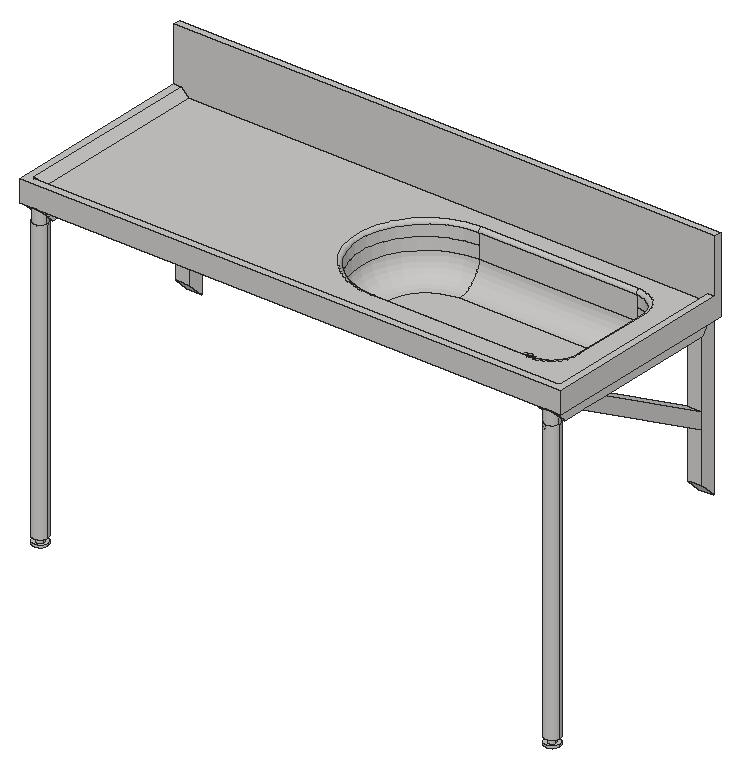
Revit family
Parameters (values of type "1500 X 555")
  Radius Of Semi_Circular Bowl = Width Of Semi_Circular Bowl / 2  # 182.5 mm
  Depth Of Semi_Circular Bowl = 165 mm
  Width Of Semi_Circular Bowl = 365 mm
  Length Of Semi_Circular Bowl = 690 mm
  Waste Connection Radius = Waste Connection Diameter / 2  # 20 mm
  Waste Connection Diameter = 40 mm
  Waste Connection = 1 = 1  # yes
  WFU = 0
  Vent Connection = 1 = 0  # no
  URL = "http://www.autospec.co.za/browse.php?id=1644179282"
  Product Code = "None"
  OmniClass Title = ""
  OmniClass Number = ""
  Modspec Classification = ""
  Specification = ""
  Location (revit room) = ""
  Material = Stainless Steel Grade 304
  HW Connection = 1 = 0  # no
  Description = ""
  Default Elevation = 0 mm
  Colour = none
  CW Connection = 1 = 0  # no
  Body Finish = none
  Bed Height = 210 mm
  Splashback Height = 150 mm
  Width = 555 mm
  Model = "Baby Bath-BBGB -1500 X 555"
  Manufacturer = "Kwikot"  # constant formula
  Length = 1500 mm
  Height = 1050 mm
  Assembly Code = "D2010510"
Reference planes
  plane 1 "Back": y = 0
  plane 2 "Bottom": z = 0
  plane 3 "Center (Left/Right)": x = 0
  plane 4 "Left": x = -750
  plane 5 "Right": x = 750
  plane 6 "Front": y = -555
  plane 7 "Top": z = 1050
  plane 8: z = 900
  plane 9: z = 840
  plane 10: z = 735
  plane 11: y = -262
  plane 12: x = 650
  plane 13: x = -40
  plane 14: y = -79.5
  plane 15: y = -444.5
Forms (mm)
  Extrusion 1, solid, material "Stainless Steel Grade 304" <- "Material"
    sketch origin (-750, -491, 4000) x (0, -1, 0) y (0, 0, 1)
      loop
        line (-491, -3160) -> (64, -3160) -> (64, -3100) -> (-471, -3100) -> (-471, -2950) -> (-491, -2950) -> (-491, -3160)
    from 0 to -1500
  Blend 2, void
    base sketch origin (-779.234, -1524, 900) x (0, -1, 0) y (1, 0, 0)
      loop
        arc (-994, 49.234) -> (-990.464, 50.698) -> (-989, 54.234) r 5
        line (-989, 54.234) -> (-989, 1504.234)
        arc (-989, 1504.234) -> (-990.464, 1507.769) -> (-994, 1509.234) r 5
        line (-994, 1509.234) -> (-1504, 1509.234) -> (-1504, 49.234) -> (-994, 49.234)
    top sketch origin (-779.234, -1524, 900) x (0, -1, 0) y (1, 0, 0)
      loop
        line (-1504, 69.234) -> (-1014, 69.234)
        arc (-1014, 69.234) -> (-1010.464, 70.698) -> (-1009, 74.234) r 5
        line (-1009, 74.234) -> (-1009, 1484.234)
        arc (-1009, 1484.234) -> (-1010.464, 1487.769) -> (-1014, 1489.234) r 5
        line (-1014, 1489.234) -> (-1504, 1489.234) -> (-1504, 69.234)
    from 0 to -20
  Extrusion 3, void
    sketch origin (-779.234, -1524, 840) x (0, -1, 0) y (-1, 0, 0)
      loop
        line (-1444.5, -921.734) -> (-1444.5, -1359.234)
        arc (-1444.5, -1359.234) -> (-1423.997, -1408.731) -> (-1374.5, -1429.234) r 70
        line (-1374.5, -1429.234) -> (-1149.5, -1429.234)
        arc (-1149.5, -1429.234) -> (-1100.003, -1408.731) -> (-1079.5, -1359.234) r 70
        line (-1079.5, -1359.234) -> (-1079.5, -921.734)
        arc (-1079.5, -921.734) -> (-1262, -739.234) -> (-1444.5, -921.734) r 182.5
    from 0 to -60
  Sweep 4, solid, material "Stainless Steel Grade 304" <- "Material"
    path origin (-779.234, -1524, 840) x (-1, 0, 0) y (0, -1, 0)
      loop
        line (-1359.234, -1444.5) -> (-921.734, -1444.5)
        arc (-921.734, -1444.5) -> (-739.234, -1262) -> (-921.734, -1079.5) r 182.5
        line (-921.734, -1079.5) -> (-1359.234, -1079.5)
        arc (-1359.234, -1079.5) -> (-1408.731, -1100.003) -> (-1429.234, -1149.5) r 70
        line (-1429.234, -1149.5) -> (-1429.234, -1374.5)
        arc (-1429.234, -1374.5) -> (-1408.731, -1423.997) -> (-1359.234, -1444.5) r 70
    profile origin (361.25, -79.5, 840) x (0, -1, 0) y (0, 0, 1)
      loop
        line (0, 0) -> (-2.5, 0) -> (-2.5, -35)
        arc (-2.5, -35) -> (18.003, -84.497) -> (67.5, -105) r 70
        line (67.5, -105) -> (67.5, -102.5)
        arc (67.5, -102.5) -> (19.77, -82.73) -> (0, -35) r 67.5
        line (0, -35) -> (0, 0)
  Extrusion 5, solid, material "Stainless Steel Grade 304" <- "Material"
    sketch origin (-1108.106, -1524, 735) x (-1, 0, 0) y (0, -1, 0)
      loop
        arc (-1250.606, -1377) -> (-1135.606, -1262) -> (-1250.606, -1147) r 115
        line (-1250.606, -1147) -> (-1688.106, -1147)
        arc (-1688.106, -1147) -> (-1689.874, -1147.732) -> (-1690.606, -1149.5) r 2.5
        line (-1690.606, -1149.5) -> (-1690.606, -1374.5)
        arc (-1690.606, -1374.5) -> (-1689.874, -1376.268) -> (-1688.106, -1377) r 2.5
        line (-1688.106, -1377) -> (-1250.606, -1377)
      loop
        circle (-1528.106, -1262) r 20
    from 0 to 2.5
  Extrusion 6, solid, material "Stainless Steel Grade 304" <- "Material"
    sketch origin (-1108.106, -1524, 735) x (-1, 0, 0) y (0, -1, 0)
      loop
        circle (-1528.106, -1262) r 20
      loop
        circle (-1528.106, -1262) r 23
    from 0 to -5
  Sweep 7, void
    path origin (-779.234, -1524, 900) x (-1, 0, 0) y (0, -1, 0)
      loop
        line (-1359.234, -1444.5) -> (-921.734, -1444.5)
        arc (-921.734, -1444.5) -> (-739.234, -1262) -> (-921.734, -1079.5) r 182.5
        line (-921.734, -1079.5) -> (-1359.234, -1079.5)
        arc (-1359.234, -1079.5) -> (-1408.731, -1100.003) -> (-1429.234, -1149.5) r 70
        line (-1429.234, -1149.5) -> (-1429.234, -1374.5)
        arc (-1429.234, -1374.5) -> (-1408.731, -1423.997) -> (-1359.234, -1444.5) r 70
    profile origin (361.25, -79.5, 900) x (0, -1, 0) y (0, 0, 1)
      loop
        line (0, -20) -> (-10, -20)
        arc (-10, -20) -> (-2.929, -22.929) -> (0, -30) r 10
        line (0, -30) -> (0, -20)
Cuts and joins
  Blend 2, Extrusion 3, Sweep 7 cuts Extrusion 1
  Sweep 7 cuts Sweep 4
  Sweep 7 cuts Extrusion 5
  joined: Extrusion 1, Sweep 4, Extrusion 5
Lines and regions (mm)
  symbolic lines
    curve 1: line (-750, 0, 750) -> (-750, -555, 750)
    curve 2: line (750, 0, 750) -> (-750, 0, 750)
    curve 3: line (750, -555, 750) -> (750, 0, 750)
    curve 4: line (-750, -555, 750) -> (750, -555, 750)
    curve 5: line (725, -535, 750) -> (-725, -535, 750)
    curve 6: arc (-725, -535, 750) -> (-728.536, -533.536, 750) -> (-730, -530, 750) r 5
    curve 7: line (-730, -530, 750) -> (-730, -20, 750)
    curve 8: line (-750, -20, 750) -> (750, -20, 750)
    curve 9: arc (730, -530, 750) -> (728.536, -533.536, 750) -> (725, -535, 750) r 5
    curve 10: line (730, -20, 750) -> (730, -530, 750)
    curve 11: line (580, -79.5, 750) -> (142.5, -79.5, 750)
    curve 12: arc (650, -149.5, 750) -> (629.497, -100.003, 750) -> (580, -79.5, 750) r 70
    curve 13: line (650, -374.5, 750) -> (650, -149.5, 750)
    curve 14: arc (580, -444.5, 750) -> (629.497, -423.997, 750) -> (650, -374.5, 750) r 70
    curve 15: line (142.5, -444.5, 750) -> (580, -444.5, 750)
    curve 16: arc (142.5, -79.5, 750) -> (-40, -262, 750) -> (142.5, -444.5, 750) r 182.5
    curve 19: line (-710, -20, 750) -> (-710, -510, 750)
    curve 20: arc (-710, -510, 750) -> (-708.536, -513.536, 750) -> (-705, -515, 750) r 5
    curve 21: line (-705, -515, 750) -> (705, -515, 750)
    curve 22: arc (705, -515, 750) -> (708.536, -513.536, 750) -> (710, -510, 750) r 5
    curve 23: line (710, -510, 750) -> (710, -20, 750)
  symbolic lines, detail levels fine
    curve 17: arc (440, -262, 750) -> (420, -282, 750) -> (400, -262, 750) r 20
    curve 18: arc (400, -262, 750) -> (420, -242, 750) -> (440, -262, 750) r 20
Dimensions and locks
  equal spacing: plane 4 "Left", plane 3 "Center (Left/Right)", plane 5 "Right"
  "Length": plane 4 "Left" to plane 5 "Right"
  "Width": plane 1 "Back" to plane 6 "Front"
  "Height": plane 7 "Top" to level
  "Splashback Height": plane 7 "Top" to plane 8
  Blend 2 sketch curve to plane 6 "Front" = 20 mm
  "Bed Height": plane 7 "Top" to plane 9
  "Depth Of Semi_Circular Bowl": plane 8 to plane 10
  locked: plane 11 to plane 6 "Front" at 293
  "Length Of Semi_Circular Bowl": plane 13 to plane 12
  "Width Of Semi_Circular Bowl": plane 14 to plane 15
  equal spacing: plane 14, plane 11, plane 15
  plane 12 to plane 5 "Right" = 100 mm
  "Radius Of Semi_Circular Bowl": plane 13 to Extrusion 3 sketch curve
  Extrusion 5 sketch curve to plane 5 "Right" = 330 mm
  radius of Sweep 4 sketch curve = 67.5 mm
  radius of Sweep 4 sketch curve = 70 mm
  aligned and locked: level to plane 2 "Bottom"
  aligned and locked: Extrusion 1 sketch curve to plane 9
  aligned and locked: Extrusion 1 sketch curve to plane 1 "Back"
  aligned and locked: plane 8 to Extrusion 1 sketch curve
  aligned and locked: Extrusion 1 sketch curve to plane 6 "Front"
  aligned and locked: plane 7 "Top" to Extrusion 1 sketch curve
  aligned and locked: plane 4 "Left" to Extrusion 1
  aligned and locked: Extrusion 1 to plane 5 "Right"
  aligned and locked: var sketch to Blend 2 sketch curve
  aligned and locked: plane 8 to Extrusion 3
  aligned and locked: Extrusion 3 to plane 9
  aligned and locked: curve 1 to cut or joined group of Extrusion 1, Blend 2, Extrusion 3, Sweep 4, Extrusion 5, Sweep 7
  aligned and locked: curve 2 to cut or joined group of Extrusion 1, Blend 2, Extrusion 3, Sweep 4, Extrusion 5, Sweep 7
  aligned and locked: curve 3 to cut or joined group of Extrusion 1, Blend 2, Extrusion 3, Sweep 4, Extrusion 5, Sweep 7
  aligned and locked: curve 4 to cut or joined group of Extrusion 1, Blend 2, Extrusion 3, Sweep 4, Extrusion 5, Sweep 7
  aligned and locked: curve 6 to cut or joined group of Extrusion 1, Blend 2, Extrusion 3, Sweep 4, Extrusion 5, Sweep 7
  aligned and locked: curve 8 to cut or joined group of Extrusion 1, Blend 2, Extrusion 3, Sweep 4, Extrusion 5, Sweep 7
  aligned and locked: curve 9 to cut or joined group of Extrusion 1, Blend 2, Extrusion 3, Sweep 4, Extrusion 5, Sweep 7
  aligned and locked: curve 10 to cut or joined group of Extrusion 1, Blend 2, Extrusion 3, Sweep 4, Extrusion 5, Sweep 7
  aligned and locked: curve 19 to cut or joined group of Extrusion 1, Blend 2, Extrusion 3, Sweep 4, Extrusion 5, Sweep 7
  aligned and locked: curve 20 to cut or joined group of Extrusion 1, Blend 2, Extrusion 3, Sweep 4, Extrusion 5, Sweep 7
  aligned and locked: curve 22 to cut or joined group of Extrusion 1, Blend 2, Extrusion 3, Sweep 4, Extrusion 5, Sweep 7
  aligned and locked: plane 11 to Extrusion 3 sketch curve
  aligned and locked: plane 12 to Extrusion 3 sketch curve
  aligned and locked: plane 15 to Extrusion 3 sketch curve
  aligned and locked: Sweep 4 sketch curve to cut or joined group of Extrusion 1, Blend 2, Extrusion 3, Sweep 4, Extrusion 5, Sweep 7  (x5)
  aligned and locked: Extrusion 5 sketch curve to Sweep 4  (x3)
  aligned and locked: plane 11 to Extrusion 5 sketch curve
  aligned and locked: Extrusion 6 sketch curve to cut or joined group of Extrusion 1, Blend 2, Extrusion 3, Sweep 4, Extrusion 5, Sweep 7  (x2)
  aligned and locked: nested 1 to plane 4 "Left"
  aligned and locked: plane 1 "Back" to nested 1
  aligned and locked: nested 2 to plane 5 "Right"
  aligned and locked: plane 1 "Back" to nested 2
  aligned and locked: nested 4 to plane 5 "Right"
  aligned and locked: nested 4 to plane 6 "Front"
  aligned and locked: nested 3 to plane 4 "Left"
  aligned and locked: nested 3 to plane 6 "Front"
  aligned and locked: curve 16 to cut or joined group of Extrusion 1, Blend 2, Extrusion 3, Sweep 4, Extrusion 5, Sweep 7
  aligned and locked: curve 14 to cut or joined group of Extrusion 1, Blend 2, Extrusion 3, Sweep 4, Extrusion 5, Sweep 7
  aligned and locked: curve 12 to cut or joined group of Extrusion 1, Blend 2, Extrusion 3, Sweep 4, Extrusion 5, Sweep 7
  aligned and locked: plane 10 to Sweep 4 sketch curve
  aligned and locked: Sweep 7 sketch curve to cut or joined group of Extrusion 1, Blend 2, Extrusion 3, Sweep 4, Extrusion 5, Sweep 7  (x3)
  aligned and locked: profile plane to Sweep 7 sketch curve
  aligned and locked: cut or joined group of Extrusion 1, Blend 2, Extrusion 3, Sweep 4, Extrusion 5, Sweep 7 to Sweep 7 sketch curve
Automatic sketch dimensions
  plane 6 "Front" to Blend 2 sketch curve = 25 mm
  Blend 2 sketch curve to Blend 2 sketch curve = 5 mm  (x2)
  Blend 2 sketch curve to plane 4 "Left" = 20 mm
  plane 5 "Right" to Blend 2 sketch curve = 25 mm
  plane 6 "Front" to Blend 2 sketch curve = 45 mm  (x2)
  Blend 2 sketch curve to plane 4 "Left" = 45 mm
  plane 5 "Right" to Blend 2 sketch curve = 45 mm
  plane 1 "Back" to Extrusion 1 sketch curve = 20 mm
  Extrusion 3 sketch curve to Extrusion 3 sketch curve = 70 mm  (x2)
  plane 1 "Back" to Blend 2 sketch curve = 20 mm
  plane 1 "Back" to curve 2 = 0 mm
  curve 2 to plane 5 "Right" = 0 mm
  curve 1 to plane 4 "Left" = 0 mm
  curve 1 to plane 6 "Front" = 0 mm
  curve 18 to plane 11 = 0 mm
  curve 14 to curve 18 = 140 mm
  curve 17 to curve 18 = 20 mm
  Sweep 4 sketch curve to Sweep 4 sketch curve = 0 mm
  Extrusion 6 sketch curve to Extrusion 6 sketch curve = 0 mm  (x2)
  Extrusion 6 sketch curve to Extrusion 6 sketch curve = 3 mm
  Sweep 7 sketch curve to Sweep 7 sketch curve = 10 mm  (x3)
  profile plane to Sweep 7 sketch curve = 10 mm
  Sweep 7 sketch curve to profile plane = 0 mm
  radius of Extrusion 5 sketch curve = 20 mm
Nested families
  nested 1: "Gallows_Bracket" at (-750, 0, 0), Width <- "Width", Height <- "Height", Bed Height <- "Bed Height", type "Gallows_Bracket"
    with Width 555 mm, Height 1050 mm, Bed Height 210 mm
  nested 2: "Gallows_Bracket" at (750, 0, 0) x (-1, 0, 0) z (0, 0, 1), Width <- "Width", Height <- "Height", Bed Height <- "Bed Height", type "Gallows_Bracket"
    with Width 555 mm, Height 1050 mm, Bed Height 210 mm
  nested 3: "Round-Leg_Detachable" at (-750, -555, 0), Height <- "Height", Bed Height <- "Bed Height", type "Round-Leg_Detachable"
    with Height 1050 mm, Bed Height 210 mm
  nested 4: "Round-Leg_Detachable" at (750, -555, 0) x (-1, 0, 0) z (0, 0, 1), Height <- "Height", Bed Height <- "Bed Height", type "Round-Leg_Detachable"
    with Height 1050 mm, Bed Height 210 mm
Connectors
  piping at (420, -262, 730), driven by "Waste Connection Radius", driven by "WFU"
    settings: on Extrusion 6, index 1, connector radius 20 mm, flow factor 0, pipe flow 0.0 L/s, pressure drop 0.0 Pa, fitting loss kfactor 0, connector angle 0.00°, fixture units 0, flow configuration 3, flow direction 2, fitting loss method 0, system type 16, connector reference index -1, connector utility 0, adjustable connector no, is connector primary yes, fitting loss table "", connector description "Waste Connection"
Definition of nested family "Gallows_Bracket"
  Parameters (values of type "Gallows_Bracket")
    Width [instance] = 700 mm
    Height [instance] = 1050 mm
    Bed Height [instance] = 230 mm
  Reference planes
    plane 1 "Center (Front/Back)": y = 0
    plane 2: z = 0
    plane 3 "Center (Left/Right)": x = 0
    plane 4: z = 820
    plane 5: y = -700
    plane 6: z = 1050
  Forms (mm)
    Extrusion 1, solid, material "Stainless Steel Grade 304"
      sketch origin (0, 0, 0) x (0, 1, 0) y (0, 0, 1)
        loop
          line (0, 820) -> (-40, 780) -> (-40, 410) -> (0, 370) -> (0, 820)
      from 20 to 60
    Extrusion 2, solid, material "Stainless Steel Grade 304"
      sketch origin (0, 0, 0) x (0, 1, 0) y (0, 0, 1)
        loop
          line (0, 820) -> (-700, 820) -> (-660, 780) -> (-40, 780) -> (0, 820)
      from 20 to 60
    Extrusion 3, solid, material "Stainless Steel Grade 304"
      sketch origin (0, 0, 0) x (0, 1, 0) y (0, 0, 1)
        loop
          line (-40, 595) -> (-370, 780) -> (-451.799, 780) -> (-40, 549.143) -> (-40, 595)
      from 20 to 60
    Extrusion 4, solid, material "Stainless Steel Grade 304"
      sketch origin (-479.326, -1524, 820) x (-1, 0, 0) y (0, -1, 0)
        loop
          circle (-519.326, -844) r 19
      from 0 to -50
  Cuts and joins
    joined: Extrusion 2, Extrusion 4
  Dimensions and locks
    "Width": plane 1 "Center (Front/Back)" to plane 5
    locked: Extrusion 3 sketch curve to Extrusion 3 sketch curve at 40
    plane 3 "Center (Left/Right)" to Extrusion 4 sketch curve = 40 mm
    Extrusion 4 sketch curve to plane 5 = 20 mm
    "Height": plane 6 to plane 2
    locked: plane 4 to Extrusion 1 sketch curve at 450
    locked: plane 4 to Extrusion 1 sketch curve at 410
    "Bed Height": plane 6 to plane 4
    radius of Extrusion 4 sketch curve = 19 mm
    aligned and locked: level to plane 2
    aligned and locked: Extrusion 1 sketch curve to plane 1 "Center (Front/Back)"
    aligned and locked: Extrusion 2 sketch curve to Extrusion 1
    aligned and locked: Extrusion 2 sketch curve to plane 4
    aligned and locked: Extrusion 2 to Extrusion 3 sketch curve
    aligned and locked: Extrusion 1 to Extrusion 3 sketch curve
    aligned and locked: Extrusion 3 to Extrusion 1
    aligned and locked: Extrusion 1 to Extrusion 3
    aligned and locked: Extrusion 2 to Extrusion 1  (x2)
    aligned and locked: plane 4 to Extrusion 4
  Automatic sketch dimensions
    Extrusion 1 sketch curve to plane 4 = 0 mm
    plane 1 "Center (Front/Back)" to Extrusion 1 sketch curve = 40 mm
    Extrusion 1 sketch curve to plane 4 = 40 mm
    plane 1 "Center (Front/Back)" to Extrusion 3 sketch curve = 370 mm
    Extrusion 3 sketch curve to Extrusion 3 sketch curve = 81.799 mm
    plane 5 to Extrusion 2 sketch curve = 40 mm
    Extrusion 2 sketch curve to plane 4 = 40 mm
    Extrusion 2 sketch curve to plane 5 = 0 mm
Definition of nested family "Round-Leg_Detachable"
  Parameters (values of type "Round-Leg_Detachable")
    Height [instance] = 1050 mm
    Bed Height [instance] = 230 mm
  Reference planes
    plane 1 "Center (Front/Back)": y = 0
    plane 2: z = 0
    plane 3 "Center (Left/Right)": x = 0
    plane 4: z = 820
    plane 5: z = 1050
  Forms (mm)
    Extrusion 1, solid, material "Stainless Steel Grade 304"
      sketch origin (0, 0, 0) x (1, 0, 0) y (0, 1, 0)
        loop
          circle (40, 20.5) r 20.5
      from 20 to 780
    Extrusion 2, solid, material "Stainless Steel Grade 304"
      sketch origin (0, 0, 0) x (1, 0, 0) y (0, 1, 0)
        loop
          circle (40, 20.5) r 20.5
      from 0 to 5
    Extrusion 3, solid, material "Stainless Steel Grade 304"
      sketch origin (0, 0, 0) x (1, 0, 0) y (0, 1, 0)
        loop
          circle (40, 20.5) r 10
      from 5 to 20
  Dimensions and locks
    plane 1 "Center (Front/Back)" to Extrusion 1 sketch curve = 20.5 mm
    plane 3 "Center (Left/Right)" to Extrusion 1 sketch curve = 40 mm
    "Height": plane 5 to plane 2
    locked: plane 4 to Extrusion 1 at 40
    plane 1 "Center (Front/Back)" to Extrusion 3 sketch curve = 20.5 mm
    "Bed Height": plane 5 to plane 4
    radius of Extrusion 1 sketch curve = 20.5 mm
    radius of Extrusion 3 sketch curve = 10 mm
    aligned and locked: level to plane 2
    aligned and locked: Extrusion 2 sketch curve to Extrusion 1  (x2)
  Automatic sketch dimensions
    plane 3 "Center (Left/Right)" to Extrusion 3 sketch curve = 30 mm
